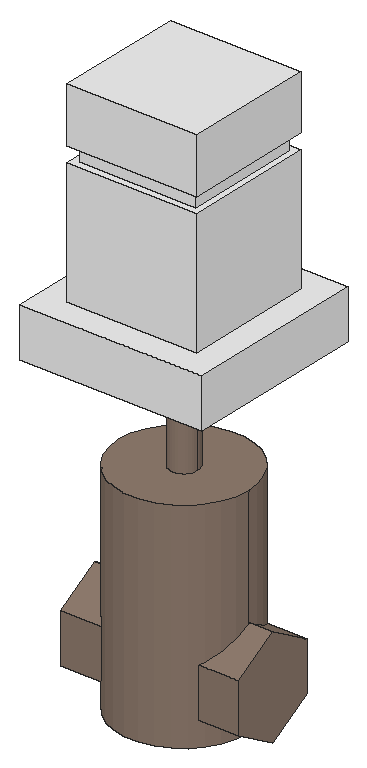
Revit family "Deca_Acabamento para Registro de Gaveta Cubo_4900.C86.PQ.rfaGGGGGG", category Plumbing Fixtures, host Face, Revit 2012
Parameters (values of type "4900.C86.PQ_Cromado CR10_1"")
  WFU = 0
  Vendido Separadamente = ""
  Variações de COR = "Cromado 1/2, 3/4 e 1 (4900.C86.PQ)"  # constant formula
  URL = "www.deca.com.br/produtos"
  Symbol [instance] = no
  Segmento = "Luxo"  # constant formula
  Raio Ponto de Agua = 12.5 mm
  Produto = "Acabamento para registro de gaveta Cubo"  # constant formula
  Pressão = "2 A 40 mca"  # constant formula
  Peso Liquido (Kg) = 0.53
  Norma = "ABNT NBR 10283: 2008"  # constant formula
  Model = Código  # "4900.C86.PQ"
  Material = "Deca_Latão Cromado e Plástico de Engenharia"  # constant formula
  Manufacturer = "Deca"  # constant formula
  Louça/Metais = "Metal"  # constant formula
  Linha = "Cubo"  # constant formula
  Informações Complementares = ""
  HWFU = 0
  Flow Pressure = 0.00 psi
  Diâmetro Ponto de Agua = Raio Ponto de Agua * 2  # 25 mm
  Description = "Acabamento para registro de gaveta"  # constant formula
  Default Elevation = 0 mm
  Código = "4900.C86.PQ"  # constant formula
  Criado por = "Contino/quattroD"  # constant formula
  Consumo = "Varia com a pressão"  # constant formula
  CWFU = 0
  Base de Registro de Gaveta_Family = Deca_Shared_Base de Registro de Gaveta_4900.C86.PQ : 4509.302 - DN 25 (1")
  Base Registro de Gaveta [instance] = yes
  Atendimento ao Cliente = "0800-0117073"  # constant formula
  Assembly Code = "D2020"
  Aprovado por = "Contino/quattroD"  # constant formula
  Acompanha o Produto = ""
  Acabamento de Registro [instance] = yes
  Acabamento = Deca CR10 Cromado Metal
Types (4, lengths in mm): name | Raio Ponto de Agua | Diâmetro Ponto de Agua | Base de Registro de Gaveta_Family
  (no name) | 12.5 | 25 | Deca_Shared_Base de Registro de Gaveta_4900.C86.PQ : 4509.302 - DN 25 (1")
  4900.C86.PQ_Cromado CR10_1" | 12.5 | 25 | Deca_Shared_Base de Registro de Gaveta_4900.C86.PQ : 4509.302 - DN 25 (1")
  4900.C86.PQ_Cromado CR10_1/2" | 7.5 | 15 | Deca_Shared_Base de Registro de Gaveta_4900.C86.PQ : 4509.102 - DN 15 (1/2")
  4900.C86.PQ_Cromado CR10_3/4" | 10 | 20 | Deca_Shared_Base de Registro de Gaveta_4900.C86.PQ : 4509.202 - DN 20 (3/4")
Reference planes
  plane 1 "Center (Front/Back)": y = 0
  plane 2: z = 0
  plane 3 "Center (Left/Right)": x = 0
  plane 4 "Left 1": x = -26.5
  plane 5 "Right 1": x = 26.504
  plane 6 "Top 1": z = 71.43
  plane 7 "Front 1": y = -26.5
  plane 8 "Back 1": y = 26.499
Forms (mm)
  Extrusion 1, solid, material "Deca CR10 Cromado Metal" <- "Acabamento", visible <- "Acabamento de Registro"
    sketch origin (0, 0, 0) x (1, 0, 0) y (0, 1, 0)
      loop
        line (-26.562, 26.499) -> (-26.562, -26.496) -> (26.504, -26.496) -> (26.504, 26.499) -> (-26.562, 26.499)
    from 0 to 14.5
  Extrusion 2, solid, material "Deca CR10 Cromado Metal" <- "Acabamento", visible <- "Acabamento de Registro"
    sketch origin (0, 0, 0) x (1, 0, 0) y (0, 1, 0)
      loop
        line (-19, 19.001) -> (-19, -18.999) -> (19, -18.999) -> (19, 19.001) -> (-19, 19.001)
    from 14.5 to 50.9
  Extrusion 3, solid, material "Deca CR10 Cromado Metal" <- "Acabamento", visible <- "Acabamento de Registro"
    sketch origin (-45, 0, 0) x (1, 0, 0) y (0, 1, 0)
      loop
        line (26, 19.001) -> (26, -18.999) -> (64, -18.999) -> (64, 19.001) -> (26, 19.001)
    from 55.43 to 71.43
  Extrusion 4, solid, material "Deca CR10 Cromado Metal" <- "Acabamento", visible <- "Acabamento de Registro"
    sketch origin (-92.954, 0, 0) x (1, 0, 0) y (0, 1, 0)
      loop
        line (76.004, 16.95) -> (76.004, -16.95) -> (109.904, -16.95) -> (109.904, 16.95) -> (76.004, 16.95)
    from 50.9 to 55.43
Lines and regions (mm)
  Masking region 1, visible <- "Acabamento de Registro"
    outline origin (0, 0, 0) x (1, 0, 0) y (0, 1, 0)
      loop
        line (-26.5, 26.499) -> (-26.5, -26.5) -> (26.504, -26.5) -> (26.504, 26.499) -> (-26.5, 26.499)
  Masking region 2, visible <- "Acabamento de Registro"
    outline origin (0, 0, 0) x (1, 0, 0) y (0, 0, 1)
      loop
        line (17.91, 71.43) -> (-17.91, 71.43)
        arc (-17.91, 71.43) -> (-18.617, 71.137) -> (-18.91, 70.43) r 1
        line (-18.91, 70.43) -> (-18.91, 55.43) -> (-16.86, 55.43) -> (-16.86, 50.9) -> (-19, 50.9) -> (-19, 14.5) -> (-26.5, 14.5) -> (-26.5, 0) -> (26.504, 0) -> (26.504, 14.5) -> (19, 14.5) -> (19, 50.9) -> (16.86, 50.9) -> (16.86, 55.43) -> (18.91, 55.43) -> (18.91, 70.43)
        arc (18.91, 70.43) -> (18.617, 71.137) -> (17.91, 71.43) r 1
  Masking region 3, visible <- "Acabamento de Registro"
    outline origin (0, 0, 0) x (0, 1, 0) y (0, 0, 1)
      loop
        line (-26.5, 14.5) -> (-26.5, 0) -> (26.5, 0) -> (26.5, 14.5) -> (19, 14.5) -> (19, 50.9) -> (16.95, 50.9) -> (16.95, 55.43) -> (19, 55.43) -> (19, 70.43)
        arc (19, 70.43) -> (18.707, 71.137) -> (18, 71.43) r 1
        line (18, 71.43) -> (-18, 71.43)
        arc (-18, 71.43) -> (-18.707, 71.137) -> (-19, 70.43) r 1
        line (-19, 70.43) -> (-19, 55.43) -> (-16.95, 55.43) -> (-16.95, 50.9) -> (-19, 50.9) -> (-19, 14.5) -> (-26.5, 14.5)
  symbolic lines, visible <- "Acabamento de Registro"
    curve 1: line (-19, 19, 0) -> (19, 19, 0)
    curve 2: line (-19, -19, 0) -> (-19, 19, 0)
    curve 3: line (19, -19, 0) -> (-19, -19, 0)
    curve 4: line (19, 19, 0) -> (19, -19, 0)
    curve 5: line (16.86, 0, 55.43) -> (-16.86, 0, 55.43)
    curve 6: line (16.86, 0, 50.9) -> (-16.86, 0, 50.9)
    curve 7: line (19, 0, 14.5) -> (-19, 0, 14.5)
    curve 8: line (0, -16.95, 55.43) -> (0, 16.95, 55.43)
    curve 9: line (0, -16.95, 50.9) -> (0, 16.95, 50.9)
    curve 10: line (0, -19, 14.5) -> (0, 19, 14.5)
Dimensions and locks
  plane 6 "Top 1" to host face = 71.43 mm  (x2)
  plane 4 "Left 1" to plane 5 "Right 1" = 53.004 mm  (x2)
  plane 7 "Front 1" to plane 8 "Back 1" = 52.999 mm  (x2)
  aligned and locked: host face to plane 2
  aligned and locked: level to host face
Nested families
  nested 1: "Deca_Shared_Base de Registro de Gaveta_4900.C86.PQ" at (-0.3, 0, -78.75), type <- "Base de Registro de Gaveta_Family", Symbol <- "Symbol", visible <- "Base Registro de Gaveta", type "4509.302 - DN 25 (1")"
    with built-in parameter 1114242 1, Symbol no
Connectors
  piping at (26, 0, -78.75), driven by "Raio Ponto de Agua", driven by "Flow Pressure"
    settings: on nested 1, index 1, connector radius 0.49213", flow factor 0, pipe flow 0 GPM, pressure drop 0.00 psi, fitting loss kfactor 0, connector angle 0.00°, fixture units 0, engagement length 0 mm, flow configuration 3, flow direction 1, fitting loss method 4, system type 29, joint type 0, gender type 0, connector reference index -1, connector utility 0, adjustable connector no, is connector primary yes, fitting loss table "", connector description ""
  piping at (-26, 0, -78.75), driven by "Raio Ponto de Agua", driven by "Flow Pressure"
    settings: on nested 1, index 2, connector radius 0.49213", flow factor 0, pipe flow 0 GPM, pressure drop 0.00 psi, fitting loss kfactor 0, connector angle 0.00°, fixture units 0, engagement length 0 mm, flow configuration 3, flow direction 1, fitting loss method 4, system type 29, joint type 0, gender type 0, connector reference index -1, connector utility 0, adjustable connector no, is connector primary no, fitting loss table "", connector description ""
Definition of nested family "Deca_Shared_Base de Registro de Gaveta_4900.C86.PQ"
  Parameters (values of type "4509.102 - DN 15 (1/2")")
    Vendido Separadamente = "Não Aplicável"  # constant formula
    Variações de COR = "1/2'' a 1''1/4"  # constant formula
    built-in parameter 1114242 [instance] = 1
    Topo = Deca BR13 Bronze Bruto Metal
    Segmento = "Básicos"  # constant formula
    Symbol [instance] = yes
    Raio Ponto de Agua = 6.4 mm
    Radius Side = DN / 2  # 7.5 mm
    Produto = "Base de registro de gaveta 1/2\""
    Peso Liquido (Kg) = 0.294
    Norma = "NBR 15705"  # constant formula
    Mín = 32 mm
    Max = 42 mm
    Material = "Bronze Fundido e Plásticos de Engenharia"  # constant formula
    Louça/Metais = "Metais"  # constant formula
    Linha = "-"  # constant formula
    K Coefficient = 0
    Informações Complementares = "Alta durabilidade e resistência; Passagem plena."  # constant formula
    Flow Pressure = 0.00 psi
    Fabricante = "Deca"  # constant formula
    Diâmetro Ponto de Agua = Raio Ponto de Agua * 2  # 12.8 mm
    Descrição = "Base de registro de gaveta"  # constant formula
    DN = 15 mm
    Código = "4509.102"
    Criador por = "Contino/quattroD"  # constant formula
    Corpo = Deca BR13 Bronze Bruto Metal
    URL = "www.deca.com.br"
    Model = Código  # "4509.102"
    Manufacturer = Fabricante  # "Deca"
    Description = Descrição  # "Base de registro de gaveta"
    B = 96 mm
    Atendimento ao Cliente = "0800-0117073"  # constant formula
    Assembly Code = ""
    Aprovado por = "Contino/quattroD"  # constant formula
    Acompanha o Produto = "Não Aplicável"  # constant formula
    A = 40 mm
  Types (5, lengths in mm): name | Raio Ponto de Agua | Radius Side | Produto | Peso Liquido (Kg) | Mín | Max | Diâmetro Ponto de Agua | DN | Código | Model | B | A
    4509.102 - DN 15 (1/2") | 6.4 | 7.5 | "Base de registro de gaveta 1/2\"" | 0.294 | 32 | 42 | 12.8 | 15 | "4509.102" | "4509.102" | 96 | 40
    4509.202 - DN 20 (3/4") | 9.525 | 10 | "Base de registro de gaveta 3/4\"" | 0.408 | 36 | 46 | 19.05 | 20 | "4509.202" | "4509.202" | 100 | 52
    4509.302 - DN 25 (1") | 12.25 | 12.5 | "Base de registro de gaveta 1\"" | 0.53 | 49 | 59 | 24.5 | 25 | "4509.302" | "4509.302" | 114 | 52
    4509.502 - DN 40 (1 1/2") | 19.1 | 20 | "Base de registro de gaveta 1.1/2\"" | 0.833 | 62 | 52 | 38.2 | 40 | "4509.502" | "4509.502" | 139 | 60
    4509.402 - DN 32 (1 1/4") | 15.9 | 16 | "Base de registro de gaveta 1.1/4\"" | 0.834 | 48 | 58 | 31.8 | 32 | "4509.402" | "4509.402" | 135 | 60
  Reference planes
    plane 1 "Center (Front/Back)": y = 0
    plane 2: z = 0
    plane 3 "Center (Left/Right)": x = 0.3
    plane 4 "Left 2": x = -19.7
    plane 5: through (11.528, 0, 0) normal (0, 0.5, -0.866)
    plane 6: through (11.528, 30.068, 26.02) normal (0, -0.5, 0.866)
    plane 7: through (11.528, 0, 0) normal (0, 0.5, 0.866)
    plane 8: through (11.528, 13.865, 0.655) normal (0, 0.5, 0.866)
    plane 9: through (11.528, 0, 0) normal (0, -0.5, -0.866)
    plane 10: through (11.528, 30.068, -26.02) normal (0, 0.5, 0.866)
    plane 11: through (11.528, 0, 0) normal (0, -0.5, 0.866)
    plane 12: through (11.528, 13.865, -0.655) normal (0, -0.5, 0.866)
    plane 13 "Right 2": x = 20.3
    plane 14 "Top 1": z = 32
    plane 15 "Right 1": x = 13.3
    plane 16 "Left 1": x = -12.7
    plane 17 "Top 2": z = 96
  Forms (mm)
    Extrusion 1, solid, material "Deca BR13 Bronze Bruto Metal" <- "Corpo"
      sketch origin (0, 134.427, 73.647) x (0, 1, 0) y (0, 0, 1)
        loop
          line (-126.927, -69.317) -> (-134.427, -64.987) -> (-141.927, -69.317) -> (-141.927, -77.977) -> (-134.427, -82.307) -> (-126.927, -77.977) -> (-126.927, -69.317)
      from -19.7 to 20.3
    Extrusion 2, solid, material "Deca BR13 Bronze Bruto Metal" <- "Corpo"
      sketch origin (0, 0, 0) x (1, 0, 0) y (0, 1, 0)
        loop
          circle (0.3, 0) r 13
      from -8.66 to 32
    Extrusion 3, solid, material "Deca BR13 Bronze Bruto Metal" <- "Topo"
      sketch origin (0, 0, 0) x (1, 0, 0) y (0, 1, 0)
        loop
          circle (0.3, 0) r 4
      from 32 to 96
  Dimensions and locks
    "Radius Side": plane 6 to plane 5
    "Radius Side": plane 8 to plane 7
    "Radius Side": plane 10 to plane 9
    "Radius Side": plane 12 to plane 11
    "A": plane 4 "Left 2" to plane 13 "Right 2"
    equal spacing: plane 13 "Right 2", plane 3 "Center (Left/Right)", plane 4 "Left 2"
    "Mín": plane 14 "Top 1" to level
    locked: plane 13 "Right 2" to plane 15 "Right 1" at 7
    equal spacing: plane 16 "Left 1", plane 3 "Center (Left/Right)", plane 15 "Right 1"
    plane 4 "Left 2" to plane 13 "Right 2" = 40 mm
    "B": plane 17 "Top 2" to level
    aligned and locked: plane 4 "Left 2" to Extrusion 1
    aligned and locked: plane 13 "Right 2" to Extrusion 1
    aligned and locked: Extrusion 1 to Extrusion 2
    aligned and locked: plane 15 "Right 1" to Extrusion 2 sketch curve
    aligned and locked: plane 14 "Top 1" to Extrusion 2
    aligned and locked: Extrusion 3 to plane 14 "Top 1"
    aligned and locked: plane 17 "Top 2" to Extrusion 3
  Automatic sketch dimensions
    Extrusion 1 sketch curve to plane 5 = 0 mm
    plane 10 to Extrusion 1 sketch curve = 0 mm  (x2)
    Extrusion 1 sketch curve to plane 1 "Center (Front/Back)" = 0 mm  (x2)
    plane 7 to Extrusion 1 sketch curve = 0 mm
    plane 12 to Extrusion 1 sketch curve = 0 mm
    plane 5 to Extrusion 1 sketch curve = 0 mm
    Extrusion 1 sketch curve to plane 6 = 0 mm  (x2)
    plane 1 "Center (Front/Back)" to Extrusion 2 sketch curve = 0 mm
    Extrusion 2 sketch curve to plane 3 "Center (Left/Right)" = 0 mm
    plane 1 "Center (Front/Back)" to Extrusion 3 sketch curve = 0 mm
    Extrusion 3 sketch curve to plane 3 "Center (Left/Right)" = 0 mm
    radius of Extrusion 3 sketch curve = 4 mm
  Nested families
    nested 1: "Symbol" at (0.3, 0, 0), visible <- "Symbol", type "Symbol"
  Connectors
    piping at (20.3, 0, 0), driven by "Raio Ponto de Agua", driven by "Flow Pressure"
      settings: on Extrusion 1, index 3, connector radius 0.25197", flow factor 0, pipe flow 0 GPM, pressure drop 0.00 psi, fitting loss kfactor 0, connector angle 0.00°, fixture units 0, engagement length 0 mm, flow configuration 0, flow direction 0, fitting loss method 4, system type 29, joint type 0, gender type 0, connector reference index -1, connector utility 0, adjustable connector no, is connector primary yes, fitting loss table "", connector description ""
    piping at (-19.7, 0, 0), driven by "Raio Ponto de Agua"
      settings: on Extrusion 1, index 4, connector radius 0.25197", flow factor 0, pipe flow 0 GPM, pressure drop 0.00 psi, fitting loss kfactor 0, connector angle 0.00°, fixture units 0, engagement length 0 mm, flow configuration 0, flow direction 0, fitting loss method 4, system type 29, joint type 0, gender type 0, connector reference index -1, connector utility 0, adjustable connector no, is connector primary no, fitting loss table "", connector description ""
  Definition of nested family "Symbol"
    Reference planes
      plane 1: y = 0
      plane 2: x = 0
    Lines and regions (mm)
      detail lines, style "Centerline"
        curve 1: line (0, 1.651, 0) -> (0, -3.349, 0)
        curve 2: line (0, -3.349, 0) -> (-2.5, -3.349, 0)
        curve 3: circle (0, 0, 0) r 1.651 normal (0, 0, 1)
      detail lines
        curve 4: line (2.5, 1.651, 0) -> (2.5, -1.651, 0)
        curve 5: line (-2.5, 1.651, 0) -> (-2.5, -1.651, 0)
